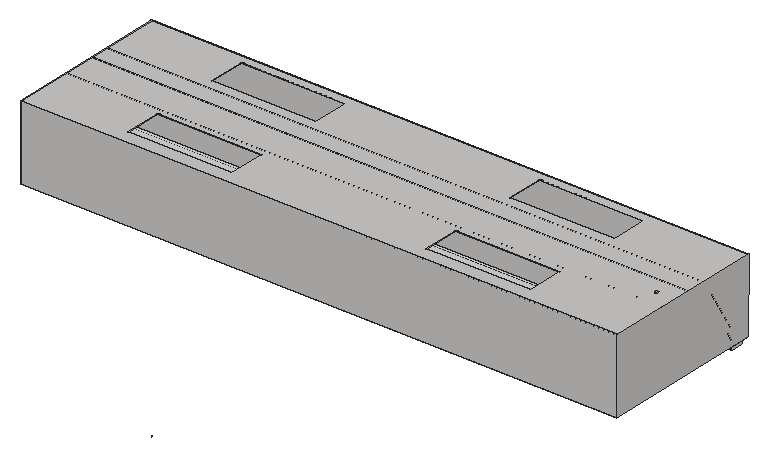
Revit family "QF_ELECTROLUXPROFESSIONAL_641256_STPF1140", category Attrezzature speciali, Revit 2021
Family settings
  Quota connettore circolare = Usa diametro
  Tipo di parte = Normale
  Basato su piano di lavoro = No
  Sempre verticale = Sì
  Taglio con vuoti quando caricato = No
  Condiviso = No
  Punto di calcolo locali = No
Parameters (values of type "Standard")
  Weight = 240.00 kg
  Watts = 320 W
  Volts = 220 V
  URL Manufacturer = "https://www.electroluxprofessional.com/"
  URL = "https://www.electroluxprofessional.com/"
  Steam Supply Size = 0 mm
  Steam Supply Minimum Pressure = 0.0 Pa
  Steam Supply Maximum Pressure = 0.0 Pa
  Steam Consumption per Hour = 0
  Refrigeration Suction Line Size = 0 mm
  Refrigeration Liquid Line Size = 0 mm
  Refrigerant Compressor Remote = yes
  Prospetto di default = 0 mm
  Produttore = "Electrolux Professional"
  Phase = 1
  Modello = "STPF1140"
  Length Actual = 4000 mm  # constant formula
  Item Number = "641256"
  Hot Water Size = 0 mm
  Height Actual = 500 mm  # constant formula
  HP = "0.4 HP"
  Gas Size = 0 mm
  Gas KW = 0
  Gas Input Pressure = 0 W
  Direct Waste Size = 0 mm
  Descrizione = "304 S/S WALL HOOD+FILTER+LAMPS 4000X1100"
  Depth Actual = 1100 mm  # constant formula
  Cycle = 50 Hz
  Condensate Return Size = 0 mm
  Compressed Air Volume = 0.0 L/s
  Compressed Air Size = 0 mm
  Compressed Air Pressure = 0.0 Pa
  Cold Water Size = 0 mm
  Accessory = yes
Reference planes
  plane 1: z = 0
  plane 2 "Center (Left/Right)": x = 150
  plane 3 "LEFT": x = -1850
  plane 4 "RIGHT": x = 2150
  plane 5 "BACK": y = 550
  plane 6 "TOP": z = 2500
  plane 7 "Base": z = 2000
  plane 8: z = 1955
  plane 9 "DrainY": y = 490
  plane 10: x = -1847
  plane 11 "DrainX": x = 2030
  plane 12 "AOLeft2": x = -500
  plane 13 "AORight1": x = 800
  plane 14: x = 2147
  plane 15: x = -1650
  plane 16: x = 1950
  plane 17 "Center (Front/Back)": y = -100
  plane 18 "Front": y = -550
  plane 19 "AOLeft1": x = -1200
  plane 20 "AORight2": x = 1500
  plane 21: y = -464
  plane 22: y = -214
  plane 23: y = 240
  plane 24: y = 490
  plane 25 "EI_y": y = -70
  plane 26 "EIx": x = 2030
Forms (mm)
  Extrusion 1, solid, material "QF_Finishes_Stainless Steel"
    sketch origin (-1850, 0, 360) x (0, 1, 0) y (0, 0, 1)
      loop
        line (550, 1640) -> (550, 2140) -> (-550, 2140) -> (-550, 1640) -> (550, 1640)
    from 0 to 3
  Extrusion 2, solid, material "QF_Finishes_Stainless Steel"
    sketch origin (2150, 0, 360) x (0, 1, 0) y (0, 0, 1)
      loop
        line (550, 1640) -> (550, 2140) -> (-550, 2140) -> (-550, 1640) -> (550, 1640)
    from 0 to -3
  Extrusion 3, solid, material "QF_Finishes_Stainless Steel"
    sketch origin (150, 0, 360) x (0, 1, 0) y (0, 0, 1)
      loop
        line (-550, 2140) -> (-550, 1640) -> (-540, 1640) -> (-540, 1640.8) -> (-549.2, 1640.8) -> (-549.2, 2139.19) -> (549.2, 2139.19) -> (549.2, 1640.8) -> (540, 1640.8) -> (540, 1640) -> (550, 1640) -> (550, 2140) -> (-550, 2140)
    from -2000 to 2000
  Extrusion 4, solid, material "QF_Finishes_Stainless Steel"
    sketch origin (0, 0, 2000) x (0, 1, 0) y (-1, 0, 0)
      loop
        circle (490, -2030) r 4.763
    from -30 to 0
  Extrusion 5, void
    sketch origin (0, 0, 2500) x (0, 1, 0) y (-1, 0, 0)
      loop
        line (-214, 500) -> (-214, 1200) -> (-464, 1200) -> (-464, 500) -> (-214, 500)
    from 0 to -10
  Extrusion 6, solid, material "QF_Finishes_Stainless Steel"
    sketch origin (0, 0, 0) x (1, 0, 0) y (0, 1, 0)
      loop
        line (-1850, 550) -> (-1850, 549) -> (-1849, 549) -> (-1849, 550) -> (-1850, 550)
    from 0 to 1
  Extrusion 7, solid, material "QF_LAMPS"
    sketch origin (150, 0, 360) x (0, 1, 0) y (0, 0, 1)
      loop
        line (-172.823, 1962.324) -> (-18.948, 2086.929) -> (-27.129, 2097.032) -> (-181.003, 1972.426) -> (-172.823, 1962.324)
    from 1997 to -1997
  Sweep 8, solid, material "QF_Finishes_Stainless Steel"
    path origin (0, 0, 0) x (1, 0, 0) y (0, 1, 0)
      loop
        line (2150, 550) -> (-1850, 550) -> (-1850, -550) -> (2150, -550) -> (2150, 550)
    profile origin (2150, 0, 0) x (1, 0, 0) y (0, 0, 1)
      loop
        line (-3, 2000) -> (-3, 2000.8) -> (-19, 2000.8) -> (-19, 2010) -> (-20, 2010) -> (-20, 2000) -> (-3, 2000)
  Extrusion 9, solid, material "QF_Finishes_Stainless Steel"
    sketch origin (150, 0, 0) x (0, 1, 0) y (0, 0, 1)
      loop
        line (414.66, 2095.469) -> (440.643, 2110.471) -> (261.744, 2411.771) -> (235.948, 2396.455) -> (414.66, 2095.469)
    from -1997 to -1800
  Extrusion 10, void
    sketch origin (1134.605, 0, 2500) x (0, 1, 0) y (-1, 0, 0)
      loop
        line (-214, -365.395) -> (-214, 334.605) -> (-464, 334.605) -> (-464, -365.395) -> (-214, -365.395)
    from 0 to -10
  Extrusion 11, solid, material "QF_Finishes_Stainless Steel"
    sketch origin (2030, 0, 0) x (0, 1, 0) y (0, 0, 1)
      loop
        line (539, 2000) -> (441, 2000) -> (441, 1989) -> (448.5, 1989) -> (448.5, 1965)
        arc (448.5, 1965) -> (451.429, 1957.929) -> (458.5, 1955) r 10
        line (458.5, 1955) -> (521.5, 1955)
        arc (521.5, 1955) -> (528.571, 1957.929) -> (531.5, 1965) r 10
        line (531.5, 1965) -> (531.5, 1989) -> (539, 1989) -> (539, 2000)
    from 90 to -90
  Extrusion 12, solid, material "QF_Finishes_Stainless Steel"
    sketch origin (150, 0, 0) x (0, 1, 0) y (0, 0, 1)
      loop
        line (414.66, 2095.469) -> (440.643, 2110.471) -> (261.744, 2411.771) -> (235.948, 2396.455) -> (414.66, 2095.469)
    from 1800 to 1997
  Extrusion 13, solid, material "QF_Finished_Chrome"
    sketch origin (150, 0, 0) x (0, 1, 0) y (0, 0, 1)
      loop
        line (414.66, 2095.469) -> (440.643, 2110.471) -> (261.744, 2411.771) -> (235.948, 2396.455) -> (414.66, 2095.469)
    from -1800 to 1800
  Extrusion 14, void
    sketch origin (0, 1180, 2500) x (0, 1, 0) y (-1, 0, 0)
      loop
        line (-690, 500) -> (-690, 1200) -> (-940, 1200) -> (-940, 500) -> (-690, 500)
    from 0 to -10
  Extrusion 15, void
    sketch origin (1600, 1180, 2500) x (0, 1, 0) y (-1, 0, 0)
      loop
        line (-690, 100) -> (-690, 800) -> (-940, 800) -> (-940, 100) -> (-690, 100)
    from 0 to -10
  Extrusion 16, solid, material "QF_Finishes_Stainless Steel"
    sketch origin (0, 0, 2500) x (0, 1, 0) y (-1, 0, 0)
      loop
        circle (-70, -2030) r 10
    from 0 to 1.6
  Extrusion 17, solid, material "QF_Finishes_Stainless Steel"
    sketch origin (150, 0, 360) x (0, 1, 0) y (0, 0, 1)
      loop
        line (430.005, 1640) -> (540, 1640) -> (540, 1640.8) -> (430.467, 1640.8) -> (371.906, 1742.23) -> (414.858, 1734.657) -> (442.266, 1750.481) -> (442.266, 1765.943) -> (441.466, 1765.943) -> (441.466, 1750.943) -> (414.709, 1735.495) -> (321.153, 1751.991) -> (320.875, 1750.416) -> (371.4, 1741.507) -> (430.005, 1640)
      loop
        line (172.529, 2139.19) -> (242.893, 2017.316) -> (245.133, 2018.715) -> (240.13, 2027.381) -> (238.569, 2026.405) -> (173.453, 2139.19) -> (172.529, 2139.19)
    from -1997 to 1997
  Extrusion 18, solid, material "QF_Finishes_Stainless Steel"
    sketch origin (150, 200.8, 360) x (0, 1, 0) y (0, 0, 1)
      loop
        line (-750, 2139.19) -> (-750, 1640) -> (-686.602, 1640) -> (-599.146, 1690.493) -> (-610.058, 1709.394) -> (-666.564, 1676.77) -> (-714.704, 1680.982) -> (-749.2, 1730.248) -> (-749.2, 2139.19) -> (-750, 2139.19)
      loop
        line (-373.6, 1961.694) -> (-381.937, 1971.99) -> (-369.095, 1982.182) -> (-369.095, 2139.19) -> (-369.895, 2139.19) -> (-369.895, 1982.569) -> (-682.298, 1734.63) -> (-671.091, 1720.79) -> (-373.6, 1961.694)
      loop
        line (-227.61, 2099.216) -> (-218.171, 2087.559) -> (-154.411, 2139.19) -> (-155.682, 2139.19) -> (-218.052, 2088.684) -> (-226.989, 2099.719) -> (-227.61, 2099.216)
    from -1997 to 1997
  Extrusion 19, solid, material "QF_Finishes_Stainless Steel"
    sketch origin (0, 0, 2500) x (0, 1, 0) y (-1, 0, 0)
      loop
        circle (-70, -2030) r 10
    from 0 to 1.6
Cuts and joins
  Extrusion 5, Extrusion 10, Extrusion 14, Extrusion 15 cuts Extrusion 3
  joined: Extrusion 2, Extrusion 3, Sweep 8
Lines and regions (mm)
  symbolic lines, style "SpecialityEquipment", detail levels coarse
    curve 1: line (2150, 550, 2500) -> (-1850, 550, 2500)
    curve 2: line (-1850, 550, 2500) -> (-1850, -550, 2500)
    curve 3: line (2150, -550, 2500) -> (2150, 550, 2500)
    curve 4: line (-1850, 550, 0) -> (2150, -550, 0)
    curve 5: line (2150, 550, 0) -> (-1850, -550, 0)
    curve 6: line (-1850, -550, 0) -> (2150, -550, 0)
  symbolic lines, detail levels coarse
    curve 7: line (-1200, 240, 2500) -> (-500, 240, 2500)
    curve 8: line (-1200, 490, 2500) -> (-1200, 240, 2500)
    curve 9: line (-500, 490, 2500) -> (-1200, 490, 2500)
    curve 10: line (-500, 240, 2500) -> (-500, 490, 2500)
    curve 11: line (800, 490, 2500) -> (800, 240, 2500)
    curve 12: line (1500, 490, 2500) -> (800, 490, 2500)
    curve 13: line (800, 240, 2500) -> (1500, 240, 2500)
    curve 14: line (1500, 240, 2500) -> (1500, 490, 2500)
    curve 15: line (-1200, -214, 2500) -> (-500, -214, 2500)
    curve 16: line (-1200, -464, 2500) -> (-1200, -214, 2500)
    curve 17: line (-500, -464, 2500) -> (-1200, -464, 2500)
    curve 18: line (-500, -214, 2500) -> (-500, -464, 2500)
    curve 19: line (800, -214, 2500) -> (1500, -214, 2500)
    curve 20: line (800, -464, 2500) -> (800, -214, 2500)
    curve 21: line (1500, -464, 2500) -> (800, -464, 2500)
    curve 22: line (1500, -214, 2500) -> (1500, -464, 2500)
Dimensions and locks
  plane 3 "LEFT" to plane 4 "RIGHT" = 4000 mm
  equal spacing: plane 3 "LEFT", plane 2 "Center (Left/Right)", plane 4 "RIGHT"
  plane 7 "Base" to plane 8 = 45 mm
  plane 5 "BACK" to plane 9 "DrainY" = 60 mm  (x2)
  plane 3 "LEFT" to plane 10 = 3 mm
  plane 11 "DrainX" to plane 4 "RIGHT" = 120 mm
  plane 14 to plane 4 "RIGHT" = 3 mm
  plane 3 "LEFT" to plane 15 = 200 mm
  plane 16 to plane 4 "RIGHT" = 200 mm
  locked: plane 12 "AOLeft2" to plane 13 "AORight1" at 1300
  equal spacing: plane 12 "AOLeft2", plane 2 "Center (Left/Right)", plane 13 "AORight1"
  locked: plane 7 "Base" to level at 2000
  locked: plane 6 "TOP" to plane 7 "Base" at 500
  locked: plane 19 "AOLeft1" to plane 12 "AOLeft2" at 700
  locked: plane 13 "AORight1" to plane 20 "AORight2" at 700
  locked: plane 22 to plane 21 at 250
  locked: plane 21 to plane 18 "Front" at 86
  locked: plane 24 to plane 23 at 250
  locked: plane 5 "BACK" to plane 24 at 60
  locked: plane 25 "EI_y" to plane 18 "Front" at 480
  locked: plane 26 "EIx" to plane 4 "RIGHT" at 120
  locked: plane 5 "BACK" to plane 18 "Front" at 1100
  plane 5 "BACK" to plane 18 "Front" = 1100 mm
  aligned and locked: level to plane 1
  aligned and locked: plane 4 "RIGHT" to Extrusion 3
  aligned and locked: Extrusion 3 to plane 3 "LEFT"
  aligned and locked: Extrusion 2 to plane 14
  aligned and locked: Extrusion 9 to plane 10
  aligned and locked: Extrusion 5 to plane 19 "AOLeft1"
  aligned and locked: Extrusion 5 to plane 12 "AOLeft2"
  aligned and locked: plane 20 "AORight2" to Extrusion 10
  aligned and locked: plane 13 "AORight1" to Extrusion 10
  aligned and locked: plane 15 to Extrusion 9
  aligned and locked: plane 16 to Extrusion 12
  aligned and locked: plane 14 to Extrusion 12
  aligned and locked: Extrusion 13 to plane 15
  aligned and locked: Extrusion 13 to plane 16
  aligned and locked: plane 14 to Extrusion 7
  aligned and locked: Extrusion 7 to plane 10
  aligned and locked: Extrusion 14 to plane 23
  aligned and locked: plane 24 to Extrusion 14
  aligned and locked: plane 24 to Extrusion 15
  aligned and locked: Extrusion 15 to plane 23
  aligned and locked: plane 13 "AORight1" to Extrusion 15
  aligned and locked: plane 20 "AORight2" to Extrusion 15
  aligned and locked: Extrusion 14 to plane 19 "AOLeft1"
  aligned and locked: Extrusion 14 to plane 12 "AOLeft2"
  aligned and locked: Extrusion 17 to plane 10
  aligned and locked: plane 14 to Extrusion 17
  aligned and locked: Extrusion 5 to plane 21
  aligned and locked: plane 22 to Extrusion 5
  aligned and locked: Extrusion 10 to plane 21
  aligned and locked: Extrusion 18 to plane 10
  aligned and locked: plane 14 to Extrusion 18
Automatic sketch dimensions
  curve 6 to plane 3 "LEFT" = 0 mm
  curve 4 to plane 3 "LEFT" = 0 mm
  curve 5 to plane 4 "RIGHT" = 0 mm
  curve 6 to plane 4 "RIGHT" = 0 mm
  curve 4 to plane 18 "Front" = 0 mm
  curve 4 to plane 5 "BACK" = 0 mm
  curve 5 to plane 5 "BACK" = 0 mm
  Extrusion 1 sketch curve to plane 7 "Base" = 0 mm
  Extrusion 1 sketch curve to plane 18 "Front" = 0 mm
  Extrusion 1 sketch curve to plane 5 "BACK" = 0 mm
  Extrusion 1 sketch curve to plane 6 "TOP" = 0 mm
  Extrusion 2 sketch curve to plane 7 "Base" = 0 mm
  Extrusion 2 sketch curve to plane 18 "Front" = 0 mm
  Extrusion 2 sketch curve to plane 5 "BACK" = 0 mm
  Extrusion 2 sketch curve to plane 6 "TOP" = 0 mm
  Extrusion 3 sketch curve to plane 6 "TOP" = 0 mm
  Extrusion 3 sketch curve to plane 18 "Front" = 0 mm
  Extrusion 3 sketch curve to plane 7 "Base" = 0 mm  (x2)
  Extrusion 3 sketch curve to plane 5 "BACK" = 0 mm
  plane 18 "Front" to Extrusion 3 sketch curve = 0.8 mm
  Extrusion 3 sketch curve to Extrusion 3 sketch curve = 9.2 mm
  plane 7 "Base" to Extrusion 3 sketch curve = 0.8 mm  (x2)
  Extrusion 3 sketch curve to plane 5 "BACK" = 10 mm
  Extrusion 3 sketch curve to plane 5 "BACK" = 0.8 mm
  Extrusion 3 sketch curve to plane 6 "TOP" = 0.81 mm
  Extrusion 4 sketch curve to plane 9 "DrainY" = 0 mm
  Extrusion 4 sketch curve to plane 11 "DrainX" = 0 mm
  Extrusion 5 sketch curve to plane 12 "AOLeft2" = 0 mm
  Extrusion 5 sketch curve to plane 19 "AOLeft1" = 0 mm
  plane 21 to Extrusion 5 sketch curve = 0 mm
  Extrusion 5 sketch curve to plane 25 "EI_y" = 144 mm
  Extrusion 6 sketch curve to plane 3 "LEFT" = 0 mm
  Extrusion 6 sketch curve to plane 5 "BACK" = 0 mm
  plane 3 "LEFT" to Extrusion 6 sketch curve = 1 mm
  Extrusion 6 sketch curve to Extrusion 6 sketch curve = 1 mm
  plane 22 to Extrusion 7 sketch curve = 32.997 mm
  Extrusion 7 sketch curve to Extrusion 7 sketch curve = 8.181 mm  (x2)
  plane 25 "EI_y" to Extrusion 7 sketch curve = 42.871 mm
  Extrusion 7 sketch curve to plane 6 "TOP" = 177.676 mm
  Extrusion 7 sketch curve to Extrusion 7 sketch curve = 10.102 mm
  Extrusion 7 sketch curve to plane 6 "TOP" = 53.071 mm
  Extrusion 7 sketch curve to Extrusion 7 sketch curve = 10.103 mm
  Sweep 8 sketch curve to plane 3 "LEFT" = 0 mm
  Sweep 8 sketch curve to plane 4 "RIGHT" = 0 mm
  Sweep 8 sketch curve to plane 18 "Front" = 0 mm
  Sweep 8 sketch curve to plane 5 "BACK" = 0 mm
  profile plane to Sweep 8 sketch curve = 20 mm
  Sweep 8 sketch curve to Sweep 8 sketch curve = 1 mm
  profile plane to Sweep 8 sketch curve = 3 mm
  level to Sweep 8 sketch curve = 2000 mm
  Sweep 8 sketch curve to Sweep 8 sketch curve = 0.8 mm
  Sweep 8 sketch curve to Sweep 8 sketch curve = 9.2 mm
  Extrusion 9 sketch curve to plane 23 = 4.052 mm
  plane 23 to Extrusion 9 sketch curve = 21.744 mm
  Extrusion 9 sketch curve to plane 9 "DrainY" = 75.34 mm
  Extrusion 9 sketch curve to Extrusion 9 sketch curve = 25.983 mm
  plane 7 "Base" to Extrusion 9 sketch curve = 95.469 mm
  Extrusion 9 sketch curve to Extrusion 9 sketch curve = 15.001 mm
  Extrusion 9 sketch curve to plane 6 "TOP" = 103.545 mm
  Extrusion 9 sketch curve to Extrusion 9 sketch curve = 15.316 mm
  Extrusion 10 sketch curve to plane 20 "AORight2" = 0 mm
  Extrusion 10 sketch curve to plane 13 "AORight1" = 0 mm
  plane 21 to Extrusion 10 sketch curve = 0 mm
  Extrusion 10 sketch curve to plane 25 "EI_y" = 144 mm
  Extrusion 11 sketch curve to plane 8 = 0 mm
  Extrusion 11 sketch curve to plane 7 "Base" = 11 mm  (x2)
  Extrusion 11 sketch curve to plane 9 "DrainY" = 49 mm
  Extrusion 11 sketch curve to Extrusion 11 sketch curve = 7.5 mm  (x2)
  Extrusion 11 sketch curve to Extrusion 11 sketch curve = 10 mm
  Extrusion 11 sketch curve to plane 5 "BACK" = 28.5 mm
  Extrusion 11 sketch curve to plane 5 "BACK" = 18.5 mm
  plane 7 "Base" to Extrusion 11 sketch curve = 0 mm
  Extrusion 12 sketch curve to plane 23 = 4.052 mm
  plane 23 to Extrusion 12 sketch curve = 21.744 mm
  Extrusion 12 sketch curve to plane 9 "DrainY" = 75.34 mm
  Extrusion 12 sketch curve to Extrusion 12 sketch curve = 25.983 mm
  plane 7 "Base" to Extrusion 12 sketch curve = 95.469 mm
  Extrusion 12 sketch curve to Extrusion 12 sketch curve = 15.001 mm
  Extrusion 12 sketch curve to plane 6 "TOP" = 103.545 mm
  Extrusion 12 sketch curve to Extrusion 12 sketch curve = 15.316 mm
  Extrusion 13 sketch curve to plane 23 = 4.052 mm
  plane 23 to Extrusion 13 sketch curve = 21.744 mm
  Extrusion 13 sketch curve to plane 9 "DrainY" = 75.34 mm
  Extrusion 13 sketch curve to Extrusion 13 sketch curve = 25.983 mm
  plane 7 "Base" to Extrusion 13 sketch curve = 95.469 mm
  Extrusion 13 sketch curve to Extrusion 13 sketch curve = 15.001 mm
  Extrusion 13 sketch curve to plane 6 "TOP" = 103.545 mm
  Extrusion 13 sketch curve to Extrusion 13 sketch curve = 15.316 mm
  Extrusion 14 sketch curve to plane 12 "AOLeft2" = 0 mm
  Extrusion 14 sketch curve to plane 23 = 0 mm
  Extrusion 14 sketch curve to plane 9 "DrainY" = 0 mm
  Extrusion 14 sketch curve to plane 19 "AOLeft1" = 0 mm
  Extrusion 15 sketch curve to plane 20 "AORight2" = 0 mm
  Extrusion 15 sketch curve to plane 23 = 0 mm
  Extrusion 15 sketch curve to plane 9 "DrainY" = 0 mm
  Extrusion 15 sketch curve to plane 13 "AORight1" = 0 mm
  Extrusion 16 sketch curve to plane 25 "EI_y" = 0 mm
  Extrusion 16 sketch curve to plane 26 "EIx" = 0 mm
  Extrusion 17 sketch curve to plane 7 "Base" = 0 mm
  Extrusion 17 sketch curve to plane 6 "TOP" = 0.81 mm
  Extrusion 17 sketch curve to plane 23 = 67.471 mm
  Extrusion 17 sketch curve to Extrusion 17 sketch curve = 0.924 mm
  Extrusion 17 sketch curve to plane 23 = 1.431 mm
  plane 23 to Extrusion 17 sketch curve = 0.13 mm
  plane 23 to Extrusion 17 sketch curve = 2.893 mm
  Extrusion 17 sketch curve to Extrusion 17 sketch curve = 2.24 mm
  plane 23 to Extrusion 17 sketch curve = 80.875 mm
  Extrusion 17 sketch curve to Extrusion 17 sketch curve = 0.278 mm
  Extrusion 17 sketch curve to Extrusion 17 sketch curve = 50.525 mm
  Extrusion 17 sketch curve to Extrusion 17 sketch curve = 0.506 mm
  Extrusion 17 sketch curve to Extrusion 17 sketch curve = 42.803 mm
  Extrusion 17 sketch curve to Extrusion 17 sketch curve = 0.148 mm
  Extrusion 17 sketch curve to plane 9 "DrainY" = 59.995 mm
  plane 7 "Base" to Extrusion 17 sketch curve = 0.8 mm
  Extrusion 17 sketch curve to Extrusion 17 sketch curve = 0.462 mm  (x2)
  Extrusion 17 sketch curve to Extrusion 17 sketch curve = 109.533 mm
  Extrusion 17 sketch curve to Extrusion 17 sketch curve = 26.757 mm
  Extrusion 17 sketch curve to Extrusion 17 sketch curve = 0.8 mm
  plane 7 "Base" to Extrusion 17 sketch curve = 94.657 mm
  Extrusion 17 sketch curve to Extrusion 17 sketch curve = 0.838 mm
  Extrusion 17 sketch curve to Extrusion 17 sketch curve = 6.012 mm
  Extrusion 17 sketch curve to Extrusion 17 sketch curve = 0.723 mm
  Extrusion 17 sketch curve to Extrusion 17 sketch curve = 14.986 mm
  Extrusion 17 sketch curve to Extrusion 17 sketch curve = 15 mm
  Extrusion 17 sketch curve to plane 6 "TOP" = 122.684 mm
  Extrusion 17 sketch curve to Extrusion 17 sketch curve = 1.399 mm
  Extrusion 17 sketch curve to Extrusion 17 sketch curve = 9.089 mm
  Extrusion 17 sketch curve to Extrusion 17 sketch curve = 0.975 mm
  Extrusion 18 sketch curve to plane 7 "Base" = 0 mm
  Extrusion 18 sketch curve to Extrusion 18 sketch curve = 0.8 mm  (x2)
  plane 7 "Base" to Extrusion 18 sketch curve = 40.982 mm
  Extrusion 18 sketch curve to Extrusion 18 sketch curve = 35.296 mm
  Extrusion 18 sketch curve to Extrusion 18 sketch curve = 28.102 mm
  plane 7 "Base" to Extrusion 18 sketch curve = 94.63 mm
  Extrusion 18 sketch curve to Extrusion 18 sketch curve = 32.405 mm
  plane 7 "Base" to Extrusion 18 sketch curve = 80.79 mm
  Extrusion 18 sketch curve to Extrusion 18 sketch curve = 11.207 mm
  plane 7 "Base" to Extrusion 18 sketch curve = 36.77 mm
  Extrusion 18 sketch curve to Extrusion 18 sketch curve = 20.038 mm
  plane 7 "Base" to Extrusion 18 sketch curve = 69.394 mm
  Extrusion 18 sketch curve to Extrusion 18 sketch curve = 61.033 mm
  plane 7 "Base" to Extrusion 18 sketch curve = 50.493 mm
  Extrusion 18 sketch curve to Extrusion 18 sketch curve = 10.912 mm
  Extrusion 18 sketch curve to plane 6 "TOP" = 168.01 mm
  Extrusion 18 sketch curve to Extrusion 18 sketch curve = 228.121 mm
  Extrusion 18 sketch curve to plane 6 "TOP" = 178.306 mm
  Extrusion 18 sketch curve to Extrusion 18 sketch curve = 8.337 mm
  Extrusion 18 sketch curve to plane 6 "TOP" = 157.431 mm
  Extrusion 18 sketch curve to Extrusion 18 sketch curve = 12.042 mm
  Extrusion 18 sketch curve to plane 6 "TOP" = 157.818 mm
  Extrusion 18 sketch curve to plane 6 "TOP" = 40.784 mm
  Extrusion 18 sketch curve to Extrusion 18 sketch curve = 141.485 mm
  Extrusion 18 sketch curve to plane 6 "TOP" = 40.281 mm
  Extrusion 18 sketch curve to Extrusion 18 sketch curve = 0.622 mm
  Extrusion 18 sketch curve to plane 6 "TOP" = 52.441 mm
  Extrusion 18 sketch curve to plane 6 "TOP" = 51.316 mm
  Extrusion 18 sketch curve to plane 6 "TOP" = 0.81 mm  (x3)
  Extrusion 18 sketch curve to Extrusion 18 sketch curve = 62.37 mm
  Extrusion 18 sketch curve to Extrusion 18 sketch curve = 1.271 mm
  Extrusion 18 sketch curve to Extrusion 18 sketch curve = 49.266 mm
  Extrusion 19 sketch curve to plane 25 "EI_y" = 0 mm
  Extrusion 19 sketch curve to plane 26 "EIx" = 0 mm
  plane 18 "Front" to Extrusion 18 sketch curve = 0.8 mm
  curve 2 to plane 3 "LEFT" = 0 mm
  curve 2 to plane 18 "Front" = 0 mm
  curve 3 to plane 4 "RIGHT" = 0 mm
  curve 3 to plane 18 "Front" = 0 mm
  curve 21 to plane 13 "AORight1" = 0 mm
  curve 21 to plane 21 = 0 mm
  curve 18 to plane 12 "AOLeft2" = 0 mm
  curve 18 to plane 21 = 0 mm
  curve 19 to plane 20 "AORight2" = 0 mm
  curve 19 to plane 22 = 0 mm
  curve 15 to plane 22 = 0 mm
  curve 13 to plane 13 "AORight1" = 0 mm
  curve 13 to plane 23 = 0 mm
  curve 10 to plane 12 "AOLeft2" = 0 mm
  curve 10 to plane 23 = 0 mm
  curve 14 to plane 9 "DrainY" = 0 mm
  curve 10 to plane 9 "DrainY" = 0 mm
  curve 2 to plane 5 "BACK" = 0 mm
  curve 14 to plane 20 "AORight2" = 0 mm
  curve 17 to plane 19 "AOLeft1" = 0 mm
  curve 7 to plane 19 "AOLeft1" = 0 mm
  radius of Extrusion 4 sketch curve = 4.763 mm
  radius of Extrusion 16 sketch curve = 10 mm
  radius of Extrusion 19 sketch curve = 10 mm
Connectors
  piping at (2030, 490, 1970), diameter 9.5
    settings: on Extrusion 4, index 1, connector inside diameter 609.6 mm, connector length 0 mm, flow factor 0, pipe flow 0.0 L/s, pressure drop 0.0 Pa, fitting loss kfactor 0, connector angle 0.00°, fixture units 0, engagement length 0 mm, angle of deflection 0.00°, flow configuration 1, flow direction 2, fitting loss method 0, system type 16, joint type 0, gender type 0, connector reference index -1, connector utility 0, adjustable connector no, is connector primary yes, connector description "Drain"
  hvac at (-850, -339, 2500)
    settings: on Extrusion 5, index 2, duct flow 0.0 L/s, flow factor 0, pres drop 0.0 Pa, loss coef 0, conn angle 0.00°, conn width 250 mm, conn height 700 mm, conn diameter 609.6 mm, duct sys type 1, conn prof type 1, flow config 1, flow direction 1, loss method 0, conn ref index -1, conn util no, is conn primary yes, conn desc "AIR INLET"
  hvac at (1150, -339, 2500)
    settings: on Extrusion 10, index 3, duct flow 0.0 L/s, flow factor 0, pres drop 0.0 Pa, loss coef 0, conn angle 0.00°, conn width 250 mm, conn height 700 mm, conn diameter 609.6 mm, duct sys type 1, conn prof type 1, flow config 1, flow direction 1, loss method 0, conn ref index -1, conn util no, is conn primary no, conn desc "AIR INLET"
  hvac at (-850, 365, 2500)
    settings: on Extrusion 14, index 4, duct flow 0.0 L/s, flow factor 0, pres drop 0.0 Pa, loss coef 0, conn angle 0.00°, conn width 250 mm, conn height 700 mm, conn diameter 609.6 mm, duct sys type 3, conn prof type 1, flow config 1, flow direction 2, loss method 0, conn ref index -1, conn util no, is conn primary no, conn desc "EXHAUST OUTLET"
  hvac at (1150, 365, 2500)
    settings: on Extrusion 15, index 5, duct flow 0.0 L/s, flow factor 0, pres drop 0.0 Pa, loss coef 0, conn angle 0.00°, conn width 250 mm, conn height 700 mm, conn diameter 609.6 mm, duct sys type 3, conn prof type 1, flow config 1, flow direction 2, loss method 0, conn ref index -1, conn util no, is conn primary no, conn desc "EXHAUST OUTLET"
  electrical at (2030, -70, 2501.6), driven by "Volts"
    settings: on Extrusion 16, index 6, voltage 220 V, apparent load 0 VA, apparent load phase1 0 VA, apparent load phase2 0 VA, apparent load phase3 0 VA, power factor 1, load classification "Other", number of poles 1, system type 30, power factor state 1, is connector primary yes, connector utility no, sub classification motor no, connector description "Electrical Connection"
  electrical at (2030, -70, 2501.6)
    settings: on Extrusion 19, index 12, voltage 0 V, apparent load 0 VA, apparent load phase1 0 VA, apparent load phase2 0 VA, apparent load phase3 0 VA, power factor 1, load classification "Other", number of poles 1, system type 30, power factor state 1, is connector primary no, connector utility no, sub classification motor no, connector description ""
